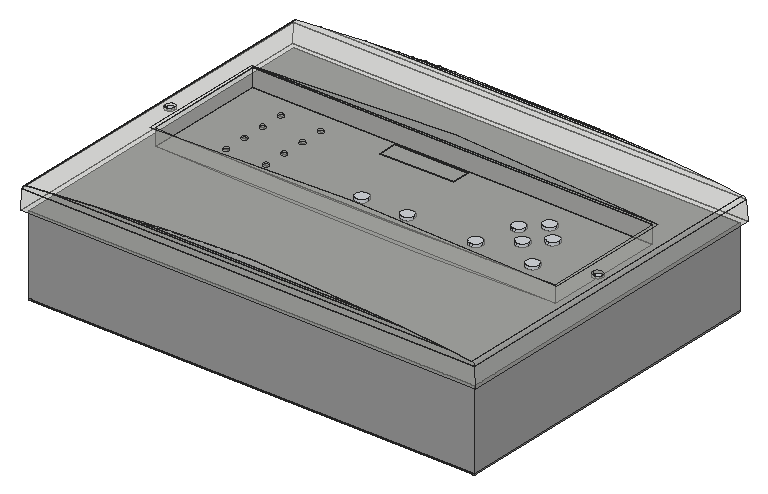
Revit family "Maxlogic Газовый приемно-контрольный прибор,  8 шлейфов, 16 релейных выходов", category Fire Alarm Devices, host Face, Revit 2021
Family settings
  Host = Face
  Maintain Annotation Orientation = Yes
  Round Connector Dimension = Use Diameter
  Part Type = Normal
  OmniClass Number = 23.85.30.21
  OmniClass Title = Environmental Detection/Registration
  Cut with Voids When Loaded = No
  Shared = No
  Room Calculation Point = No
Parameters (values of type "Maxlogic Газовый приемно-контрольный прибор,  8 шлейфов, 16 релейных выходов")
  Вес = "5500 гр"
  Монтажный короб для установки извещателя с поверхностной прокладкой кабеля = ""
  Гарантийный срок = "Года"
  Гарантийный срок запчастей = "2"
  Гарантия срока службы = "2"
  Версия = ""
  URL = "https://www.mavili.com.tr/"
  Монтажный комплект для установки извещателя в подвесной потолок = ""
  Номер позы общественных работ = ""
  Класс защиты = ""
  Код продукта = "ML-4218"
  Номер телефона = "(+)90 216 466 45 05"
  Рабочее напряжение (по умолчанию) = ""
  Диапазон рабочего напряжения = ""
  Рабочая Температура = "(-10°C) - (+55°C)"
  Номинальная глубина = "100 мм"
  Номинальная ширина = "400 мм"
  Номинальная высота = "300 мм"
  Монтажная поверхность = "Настенная"
  Монтажная высота = ""
  Model = "Maxlogic"
  Manufacturer = "Mavili Elektronik Ticaret A.Ş."
  Инструкция по установке = "https://mavilielektronik.com/Revit/ML4218_RU.pdf"
  Выход индикации = ""
  Номер факса = "(+)90 216 466 45 10"
  Резервное питание = "220 В Перем. ток"
  Почта = "mavili@mavili.com.tr"
  Отказ = ""
  Настройка адреса устройства = ""
  Description = "Газовый приемно-контрольный прибор,  8 шлейфов, 16 релейных выходов"
  Default Elevation = 0 mm
  Потребление тока = ""
  Валюта = ""
  Cost = 0
  Совместимые базы для монтажа = ""
  Цвет = "Белый"
  Производительность кода = "EN 54-2, EN 54-4"
  Главный Материал = "Серый металлический"
  Вторичный материал = "Белый пластмассовый ABS"
  Аккумулятор = "2 X ( (12В Пост. ток 7 Aм/ч. )"
  Assembly Code = ""
  Адрес №1 = "Şerifali Mahallesi Kutup Sokak No:27/1-2-4 Ümraniye TR-34775 İSTANBUL"
Reference planes
  plane 1 "Center (Front/Back)": y = 0
  plane 2: z = 0
  plane 3 "Center (Left/Right)": x = 0
Forms (mm)
  Extrusion 1, solid, material "mavili arka kasa"
    sketch origin (-210, -150, 148.173) x (1, 0, 0) y (0, 0, -1)
      loop
        line (42.905, 77.3) -> (434.905, 77.3) -> (434.905, 146.904)
        arc (434.905, 146.904) -> (434.545, 147.715) -> (433.785, 148.173) r 1.476
        line (433.785, 148.173) -> (44.505, 148.173)
        arc (44.505, 148.173) -> (43.374, 147.704) -> (42.905, 146.573) r 1.6
        line (42.905, 146.573) -> (42.905, 77.3)
    from 0 to 300
  Extrusion 2, solid, material "Mavili beyaz"
    sketch origin (-210, -150, 148.173) x (1, 0, 0) y (0, 0, -1)
      loop
        line (38.905, 77.3) -> (39.824, 59.769)
        arc (39.824, 59.769) -> (40.651, 57.854) -> (42.526, 56.941) r 3
        arc (42.526, 56.941) -> (238.905, 47.3) -> (435.284, 56.941) r 2005
        arc (435.284, 56.941) -> (437.16, 57.854) -> (437.987, 59.769) r 3
        line (437.987, 59.769) -> (438.905, 77.3) -> (38.905, 77.3)
    from 0 to 300
  Extrusion 3, void
    sketch origin (-167.095, -150, 70.872) x (0, 0, 1) y (0, -1, 0)
      loop
        arc (-69.27, -296) -> (-70.403, -295.532) -> (-70.872, -294.4) r 1.6
        line (-70.872, -294.4) -> (-70.872, -300) -> (0, -300) -> (0, -296) -> (-69.27, -296)
    from 0 to 392
  Extrusion 4, void
    sketch origin (-167.095, 150, 70.872) x (0, 0, 1) y (0, -1, 0)
      loop
        line (-69.27, 296) -> (0, 296) -> (0, 300) -> (-70.872, 300) -> (-70.872, 294.4)
        arc (-70.872, 294.4) -> (-70.403, 295.532) -> (-69.27, 296) r 1.6
    from 0 to 392
  Extrusion 5, void
    sketch origin (-210, -150, 148.173) x (0, 0, -1) y (0, 1, 0)
      loop
        line (55.289, 116.326) -> (55.289, 228.158) -> (47.3, 228.297) -> (47.3, 111.721) -> (55.289, 116.326)
    from 0 to 497.127
  Extrusion 6, void
    sketch origin (-210, -150, 148.173) x (0, 0, -1) y (0, 1, 0)
      loop
        arc (47.3, 295.581) -> (48.124, 297.646) -> (50.143, 298.577) r 3
        line (50.143, 298.577) -> (51.913, 298.669) -> (55.057, 298.834) -> (59.769, 299.081) -> (77.3, 300) -> (50, 300) -> (47.3, 300) -> (47.3, 295.581)
    from 0 to 493.151
  Extrusion 7, void
    sketch origin (-210, 150, 148.173) x (0, 0, -1) y (0, 1, 0)
      loop
        line (47.3, -295.581) -> (47.3, -300) -> (50, -300) -> (77.3, -300) -> (59.769, -299.081) -> (55.057, -298.834) -> (51.913, -298.669) -> (50.143, -298.577)
        arc (50.143, -298.577) -> (48.124, -297.646) -> (47.3, -295.581) r 3
    from 0 to 493.151
  Extrusion 8, void
    sketch origin (-167.095, 146, 25.472) x (0, 0, -1) y (1, 0, 0)
      loop
        line (-13.523, 66.9) -> (-13.523, 68.054)
        arc (-13.523, 68.054) -> (-15, 68.144) -> (-16.477, 68.054) r 12.144
        line (-16.477, 68.054) -> (-16.477, 66.9)
        arc (-16.477, 66.9) -> (-26, 56.025) -> (-16.527, 45.106) r 11
        line (-16.527, 45.106) -> (-16.527, 43.952)
        arc (-16.527, 43.952) -> (-15, 43.856) -> (-13.473, 43.952) r 12.144
        line (-13.473, 43.952) -> (-13.473, 45.106)
        arc (-13.473, 45.106) -> (-4, 56.025) -> (-13.523, 66.9) r 11
    from 0 to 1
  Extrusion 9, void
    sketch origin (-127.095, 146, 25.472) x (0, 0, -1) y (1, 0, 0)
      loop
        line (-13.523, 66.9) -> (-13.523, 68.054)
        arc (-13.523, 68.054) -> (-15, 68.144) -> (-16.477, 68.054) r 12.144
        line (-16.477, 68.054) -> (-16.477, 66.9)
        arc (-16.477, 66.9) -> (-26, 56.025) -> (-16.527, 45.106) r 11
        line (-16.527, 45.106) -> (-16.527, 43.952)
        arc (-16.527, 43.952) -> (-15, 43.856) -> (-13.473, 43.952) r 12.144
        line (-13.473, 43.952) -> (-13.473, 45.106)
        arc (-13.473, 45.106) -> (-4, 56.025) -> (-13.523, 66.9) r 11
    from 0 to 1
  Extrusion 10, void
    sketch origin (-87.095, 146, 25.472) x (0, 0, -1) y (1, 0, 0)
      loop
        line (-13.523, 66.9) -> (-13.523, 68.054)
        arc (-13.523, 68.054) -> (-15, 68.144) -> (-16.477, 68.054) r 12.144
        line (-16.477, 68.054) -> (-16.477, 66.9)
        arc (-16.477, 66.9) -> (-26, 56.025) -> (-16.527, 45.106) r 11
        line (-16.527, 45.106) -> (-16.527, 43.952)
        arc (-16.527, 43.952) -> (-15, 43.856) -> (-13.473, 43.952) r 12.144
        line (-13.473, 43.952) -> (-13.473, 45.106)
        arc (-13.473, 45.106) -> (-4, 56.025) -> (-13.523, 66.9) r 11
    from 0 to 1
  Extrusion 11, void
    sketch origin (-47.095, 146, 25.472) x (0, 0, -1) y (1, 0, 0)
      loop
        line (-13.523, 66.9) -> (-13.523, 68.054)
        arc (-13.523, 68.054) -> (-15, 68.144) -> (-16.477, 68.054) r 12.144
        line (-16.477, 68.054) -> (-16.477, 66.9)
        arc (-16.477, 66.9) -> (-26, 56.025) -> (-16.527, 45.106) r 11
        line (-16.527, 45.106) -> (-16.527, 43.952)
        arc (-16.527, 43.952) -> (-15, 43.856) -> (-13.473, 43.952) r 12.144
        line (-13.473, 43.952) -> (-13.473, 45.106)
        arc (-13.473, 45.106) -> (-4, 56.025) -> (-13.523, 66.9) r 11
    from 0 to 1
  Extrusion 12, void
    sketch origin (-7.095, 146, 25.472) x (0, 0, -1) y (1, 0, 0)
      loop
        line (-13.523, 66.9) -> (-13.523, 68.054)
        arc (-13.523, 68.054) -> (-15, 68.144) -> (-16.477, 68.054) r 12.144
        line (-16.477, 68.054) -> (-16.477, 66.9)
        arc (-16.477, 66.9) -> (-26, 56.025) -> (-16.527, 45.106) r 11
        line (-16.527, 45.106) -> (-16.527, 43.952)
        arc (-16.527, 43.952) -> (-15, 43.856) -> (-13.473, 43.952) r 12.144
        line (-13.473, 43.952) -> (-13.473, 45.106)
        arc (-13.473, 45.106) -> (-4, 56.025) -> (-13.523, 66.9) r 11
    from 0 to 1
  Extrusion 13, void
    sketch origin (32.905, 146, 25.472) x (0, 0, -1) y (1, 0, 0)
      loop
        line (-13.523, 66.9) -> (-13.523, 68.054)
        arc (-13.523, 68.054) -> (-15, 68.144) -> (-16.477, 68.054) r 12.144
        line (-16.477, 68.054) -> (-16.477, 66.9)
        arc (-16.477, 66.9) -> (-26, 56.025) -> (-16.527, 45.106) r 11
        line (-16.527, 45.106) -> (-16.527, 43.952)
        arc (-16.527, 43.952) -> (-15, 43.856) -> (-13.473, 43.952) r 12.144
        line (-13.473, 43.952) -> (-13.473, 45.106)
        arc (-13.473, 45.106) -> (-4, 56.025) -> (-13.523, 66.9) r 11
    from 0 to 1
  Extrusion 14, void
    sketch origin (72.905, 146, 25.472) x (0, 0, -1) y (1, 0, 0)
      loop
        line (-13.523, 66.9) -> (-13.523, 68.054)
        arc (-13.523, 68.054) -> (-15, 68.144) -> (-16.477, 68.054) r 12.144
        line (-16.477, 68.054) -> (-16.477, 66.9)
        arc (-16.477, 66.9) -> (-26, 56.025) -> (-16.527, 45.106) r 11
        line (-16.527, 45.106) -> (-16.527, 43.952)
        arc (-16.527, 43.952) -> (-15, 43.856) -> (-13.473, 43.952) r 12.144
        line (-13.473, 43.952) -> (-13.473, 45.106)
        arc (-13.473, 45.106) -> (-4, 56.025) -> (-13.523, 66.9) r 11
    from 0 to 1
  Extrusion 15, void
    sketch origin (112.905, 146, 25.472) x (0, 0, -1) y (1, 0, 0)
      loop
        line (-13.523, 66.9) -> (-13.523, 68.054)
        arc (-13.523, 68.054) -> (-15, 68.144) -> (-16.477, 68.054) r 12.144
        line (-16.477, 68.054) -> (-16.477, 66.9)
        arc (-16.477, 66.9) -> (-26, 56.025) -> (-16.527, 45.106) r 11
        line (-16.527, 45.106) -> (-16.527, 43.952)
        arc (-16.527, 43.952) -> (-15, 43.856) -> (-13.473, 43.952) r 12.144
        line (-13.473, 43.952) -> (-13.473, 45.106)
        arc (-13.473, 45.106) -> (-4, 56.025) -> (-13.523, 66.9) r 11
    from 0 to 1
  Extrusion 16, void
    sketch origin (-210, -33.417, 92.884) x (-1, 0, 0) y (0, 1, 0)
      loop
        line (-62.836, 2.214) -> (-62.836, 108.579)
        spline (-62.836, 108.579) -> (-92.123, 108.62) -> (-121.442, 108.654) -> (-150.785, 108.681) -> (-180.148, 108.699) -> (-209.524, 108.711) -> (-238.905, 108.714) -> (-268.287, 108.711) -> (-297.662, 108.699) -> (-327.025, 108.681) -> (-356.369, 108.654) -> (-385.687, 108.62) -> (-414.974, 108.579)
        line (-414.974, 108.579) -> (-414.974, 2.214)
        spline (-414.974, 2.214) -> (-385.687, 0.847) -> (-356.369, -0.273) -> (-327.025, -1.144) -> (-297.662, -1.766) -> (-268.287, -2.14) -> (-238.905, -2.264) -> (-209.524, -2.14) -> (-180.148, -1.766) -> (-150.785, -1.144) -> (-121.442, -0.273) -> (-92.123, 0.847) -> (-62.836, 2.214)
    from 0 to 15
  Revolve 17, solid, material "Glass"
    sketch origin (-200, 143.323, 77.884) x (-1, 0, 0) y (0, -1, 0)
      loop
        arc (-91.405, 87.917) -> (-93.905, 90.417) -> (-96.405, 87.917) r 2.5
        line (-96.405, 87.917) -> (-91.405, 87.917)
      axis (-91.405, 87.917) -> (-96.405, 87.917)
    angle from 0 to -180
  Extrusion 18, void
    sketch origin (-210, -33.417, 92.884) x (-1, 0, 0) y (0, 1, 0)
      loop
        circle (-50.905, 33.417) r 4.25
    from 0 to 3
  Extrusion 19, solid
    sketch origin (-210, -33.442, 89.884) x (0, 1, 0) y (-1, 0, 0)
      loop
        line (35.753, -50.862) -> (34.597, -48.861) -> (32.286, -48.861) -> (31.13, -50.862) -> (32.286, -52.864) -> (34.597, -52.864) -> (35.753, -50.862)
    from 0 to 1
  Extrusion 20, void
    sketch origin (267.811, -33.417, 92.884) x (-1, 0, 0) y (0, 1, 0)
      loop
        circle (50.905, 33.417) r 4.25
    from 0 to 3
  Extrusion 21, solid
    sketch origin (267.811, -33.442, 89.884) x (0, 1, 0) y (-1, 0, 0)
      loop
        line (35.753, 50.862) -> (34.597, 52.864) -> (32.286, 52.864) -> (31.13, 50.862) -> (32.286, 48.861) -> (34.597, 48.861) -> (35.753, 50.862)
    from 0 to 1
  Extrusion 22, solid
    sketch origin (40, -12.994, 77.884) x (0, 1, 0) y (-1, 0, 0)
      loop
        circle (63.417, -93.905) r 5.5
    from 0 to 2
  Revolve 23, solid, material "Glass"
    sketch origin (-200, 123.323, 77.884) x (-1, 0, 0) y (0, -1, 0)
      loop
        arc (-91.405, 87.917) -> (-93.905, 90.417) -> (-96.405, 87.917) r 2.5
        line (-96.405, 87.917) -> (-91.405, 87.917)
      axis (-91.405, 87.917) -> (-96.405, 87.917)
    angle from 0 to -180
  Revolve 24, solid, material "Glass"
    sketch origin (-200, 103.323, 77.884) x (-1, 0, 0) y (0, -1, 0)
      loop
        arc (-91.405, 87.917) -> (-93.905, 90.417) -> (-96.405, 87.917) r 2.5
        line (-96.405, 87.917) -> (-91.405, 87.917)
      axis (-91.405, 87.917) -> (-96.405, 87.917)
    angle from 0 to -180
  Revolve 25, solid, material "Glass"
    sketch origin (-200, 83.323, 77.884) x (-1, 0, 0) y (0, -1, 0)
      loop
        arc (-91.405, 87.917) -> (-93.905, 90.417) -> (-96.405, 87.917) r 2.5
        line (-96.405, 87.917) -> (-91.405, 87.917)
      axis (-91.405, 87.917) -> (-96.405, 87.917)
    angle from 0 to -180
  Extrusion 26, solid, material "Glass"
    sketch origin (-210, -33.417, 92.884) x (0, 1, 0) y (-1, 0, 0)
      loop
        line (85.539, -206.655) -> (69.139, -206.655) -> (69.139, -271.155) -> (85.539, -271.155) -> (85.539, -206.655)
    from 0 to 0.8
  Revolve 27, solid, material "Glass"
    sketch origin (-165, 143.323, 77.884) x (-1, 0, 0) y (0, -1, 0)
      loop
        arc (-91.405, 87.917) -> (-93.905, 90.417) -> (-96.405, 87.917) r 2.5
        line (-96.405, 87.917) -> (-91.405, 87.917)
      axis (-91.405, 87.917) -> (-96.405, 87.917)
    angle from 0 to -180
  Revolve 28, solid, material "Glass"
    sketch origin (-165, 123.323, 77.884) x (-1, 0, 0) y (0, -1, 0)
      loop
        arc (-91.405, 87.917) -> (-93.905, 90.417) -> (-96.405, 87.917) r 2.5
        line (-96.405, 87.917) -> (-91.405, 87.917)
      axis (-91.405, 87.917) -> (-96.405, 87.917)
    angle from 0 to -180
  Revolve 29, solid, material "Glass"
    sketch origin (-165, 103.323, 77.884) x (-1, 0, 0) y (0, -1, 0)
      loop
        arc (-91.405, 87.917) -> (-93.905, 90.417) -> (-96.405, 87.917) r 2.5
        line (-96.405, 87.917) -> (-91.405, 87.917)
      axis (-91.405, 87.917) -> (-96.405, 87.917)
    angle from 0 to -180
  Revolve 30, solid, material "Glass"
    sketch origin (-165, 83.323, 77.884) x (-1, 0, 0) y (0, -1, 0)
      loop
        arc (-91.405, 87.917) -> (-93.905, 90.417) -> (-96.405, 87.917) r 2.5
        line (-96.405, 87.917) -> (-91.405, 87.917)
      axis (-91.405, 87.917) -> (-96.405, 87.917)
    angle from 0 to -180
  Extrusion 31, solid
    sketch origin (25, -27.994, 77.884) x (0, 1, 0) y (-1, 0, 0)
      loop
        circle (63.417, -93.905) r 5.5
    from 0 to 2
  Extrusion 32, solid
    sketch origin (55, -27.994, 77.884) x (0, 1, 0) y (-1, 0, 0)
      loop
        circle (63.417, -93.905) r 5.5
    from 0 to 2
  Extrusion 33, solid
    sketch origin (40, -42.994, 77.884) x (0, 1, 0) y (-1, 0, 0)
      loop
        circle (63.417, -93.905) r 5.5
    from 0 to 2
  Extrusion 34, solid
    sketch origin (65, -62.994, 77.884) x (0, 1, 0) y (-1, 0, 0)
      loop
        circle (63.417, -93.905) r 5.5
    from 0 to 2
  Extrusion 35, solid
    sketch origin (15, -62.994, 77.884) x (0, 1, 0) y (-1, 0, 0)
      loop
        circle (63.417, -93.905) r 5.5
    from 0 to 2
  Extrusion 36, solid
    sketch origin (-45, -62.994, 77.884) x (0, 1, 0) y (-1, 0, 0)
      loop
        circle (63.417, -93.905) r 5.5
    from 0 to 2
  Extrusion 37, solid
    sketch origin (-85, -62.994, 77.884) x (0, 1, 0) y (-1, 0, 0)
      loop
        circle (63.417, -93.905) r 5.5
    from 0 to 2
Cuts and joins
  Extrusion 3, Extrusion 4, Extrusion 8, Extrusion 9, Extrusion 10, Extrusion 11, Extrusion 12, Extrusion 13, Extrusion 14, Extrusion 15 cuts Extrusion 1
  Extrusion 3, Extrusion 4, Extrusion 5, Extrusion 6, Extrusion 7, Extrusion 16, Extrusion 18, Extrusion 20 cuts Extrusion 2
  Extrusion 20 cuts Extrusion 19
Dimensions and locks
  aligned and locked: plane 2 to host face
  aligned and locked: level to host face
Connectors
  electrical at (29.145, 0, 0)
    settings: on cut or joined group of Extrusion 1, Extrusion 3, Extrusion 4, Extrusion 8, Extrusion 9, Extrusion 10, Extrusion 11, Extrusion 12, Extrusion 13, Extrusion 14, Extrusion 15, index 1, voltage 0 V, apparent load 0 VA, apparent load phase1 0 VA, apparent load phase2 0 VA, apparent load phase3 0 VA, power factor 1, load classification "Other", number of poles 1, system type 31, power factor state 1, is connector primary yes, connector utility no, sub classification motor no, connector description ""
